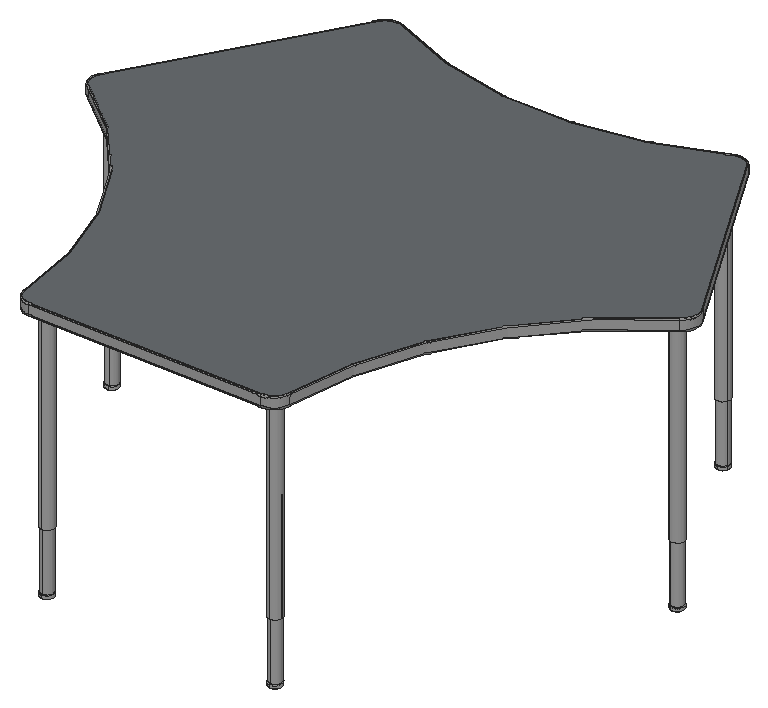
Revit family "CogNitiv Table - Shapes Legs", category Generic Models, Revit 2018
Family settings
  Can host rebar = No
  Round Connector Dimension = Use Diameter
  Part Type = Normal
  Work Plane-Based = No
  Always vertical = Yes
  Cut with Voids When Loaded = No
  Shared = No
  Room Calculation Point = No
Parameters
  Table Height = 2' - 5"
  Surface = CogNitiv - Shapes Legs Surface
  Leg Finish = Shapes Leg Platinum
  Edgeband = CogNitiv - Shapes Legs Edgeband
  Casters/Gliders = Shapes Leg - Glider : Shapes Leg - Glider
Reference planes (in)
  plane 1 "Center (Front/Back)": y = 0
  plane 2: z = 0
  plane 3 "Center (Left/Right)": x = 0
Dimensions and locks (in)
  "Table Height": nested 3 to level
  aligned and locked: plane 2 to level
Nested families (in)
  nested 1: "Shapes Leg - Glider" at (-12.76932, -32.30549, 0) x (0, -1, 0) z (0, 0, 1), type <- "Casters/Gliders", Leg Height <- "Table Height", Shapes Leg Finish <- "Leg Finish", type "Shapes Leg - Glider"
    with Shapes Leg Finish Shapes Leg Platinum, Leg Height 2' - 5"
  nested 2: "Shapes Leg - Glider" at (-31.64982, 0.3965, 0) x (0.3243, -0.946, 0) z (0, 0, 1), Leg Height <- "Table Height", Shapes Leg Finish <- "Leg Finish", type "Shapes Leg - Glider"
    with Shapes Leg Finish Shapes Leg Platinum, Leg Height 2' - 5"
  nested 3: "Trygon Hub Table Top" at (0, 0, 1.19291), type "Trygon Hub Table Top"
  nested 4: "Shapes Leg - Glider" at (-19.02696, 22.56254, 0) x (0.9607, 0.2775, 0) z (0, 0, 1), Leg Height <- "Table Height", Shapes Leg Finish <- "Leg Finish", type "Shapes Leg - Glider"
    with Shapes Leg Finish Shapes Leg Platinum, Leg Height 2' - 5"
  nested 5: "Shapes Leg - Glider" at (31.64982, 0.3965, 0) x (-0.3243, -0.946, 0) z (0, 0, 1), Leg Height <- "Table Height", Shapes Leg Finish <- "Leg Finish", type "Shapes Leg - Glider"
    with Shapes Leg Finish Shapes Leg Platinum, Leg Height 2' - 5"
  nested 6: "Shapes Leg - Glider" at (19.02696, 22.56254, 0) x (-0.9607, 0.2775, 0) z (0, 0, 1), Leg Height <- "Table Height", Shapes Leg Finish <- "Leg Finish", type "Shapes Leg - Glider"
    with Shapes Leg Finish Shapes Leg Platinum, Leg Height 2' - 5"
  nested 7: "Shapes Leg - Glider" at (12.76932, -32.30549, 0) x (0, -1, 0) z (0, 0, 1), type <- "Casters/Gliders", Leg Height <- "Table Height", Shapes Leg Finish <- "Leg Finish", type "Shapes Leg - Glider"
    with Shapes Leg Finish Shapes Leg Platinum, Leg Height 2' - 5"
Definition of nested family "Shapes Leg - Glider"
  Parameters (values of type "Shapes Leg - Glider")
    Shapes Leg Finish [instance] = none
    Leg Height [instance] = 2' - 4 1/2"
  Reference planes (in)
    plane 1 "Center (Front/Back)": y = 0
    plane 2: z = 0
    plane 3 "Center (Left/Right)": x = 0
  Forms (in)
    Extrusion 1, solid
      sketch origin (-0.01562, 0, 0) x (1, 0, 0) y (0, 1, 0)
        loop
          circle (0.01563, 0) r 0.64906
      from 0.50586 to 20.17439
  Dimensions and locks (in)
    "Leg Height": nested 2 to level
    aligned and locked: plane 2 to level
  Automatic sketch dimensions
    plane 1 "Center (Front/Back)" to Extrusion 1 sketch curve = 0' - 0"
    Extrusion 1 sketch curve to plane 3 "Center (Left/Right)" = 0' - 0"
    radius of Extrusion 1 sketch curve = 0' - 0.64906"
  Nested families (in)
    nested 1: "Glider" at (0, 0, 0), type "Glider"
    nested 2: "Shapes Upper Leg" at (0, 0, 0), Shapes Leg Finish <- "Shapes Leg Finish", type "Shapes Upper Leg"
      with Shapes Leg Finish none
  Definition of nested family "Glider"
    Reference planes (in)
      plane 1 "Center (Front/Back)": y = 0
      plane 2: z = 0
      plane 3 "Center (Left/Right)": x = 0
    Forms (in)
      Revolve 1, solid
        sketch origin (0, 0, 0) x (1, 0, 0) y (0, 0, 1)
          loop
            line (0.26614, 0.50586) -> (0, 0.50586) -> (0, 0.09994) -> (0.71656, 0.09994) -> (0.71656, 0.37634)
            arc (0.71656, 0.37634) -> (0.70181, 0.41548) -> (0.66511, 0.43552) r 0.06011
            arc (0.66511, 0.43552) -> (0.46609, 0.45951) -> (0.26614, 0.47365) r 4.06535
            line (0.26614, 0.47365) -> (0.26614, 0.50586)
          axis (0, 0.50586) -> (0, 0.09994)
        angle from 0 to 360
      Revolve 2, solid
        sketch origin (0, 0, 0) x (1, 0, 0) y (0, 0, 1)
          loop
            line (0.65534, 0.1212) -> (0, 0.1212) -> (0, 0) -> (0.57593, 0)
            arc (0.57593, 0) -> (0.63208, 0.02326) -> (0.65534, 0.07941) r 0.07941
            line (0.65534, 0.07941) -> (0.65534, 0.1212)
          axis (0, 0.1212) -> (0, 0)
        angle from 0 to 360
    Dimensions and locks (in)
      aligned and locked: plane 2 to level
  Definition of nested family "Shapes Upper Leg"
    Parameters (values of type "Shapes Upper Leg")
      Shapes Leg Finish [instance] = none
    Reference planes (in)
      plane 1 "Center (Front/Back)": y = 0
      plane 2: z = 0
      plane 3 "Center (Left/Right)": x = 0
    Forms (in)
      Extrusion 1, solid, material <- "Shapes Leg Finish"
        sketch origin (0, 0, 0) x (1, 0, 0) y (0, 1, 0)
          loop
            circle (0, 0) r 0.75
        from 6.5 to 28.5
    Dimensions and locks (in)
      aligned and locked: plane 2 to level
Definition of nested family "Trygon Hub Table Top"
  Parameters (values of type "Trygon Hub Table Top")
    Surface = none
    Edgeband = none
  Reference planes (in)
    plane 1 "Center (Front/Back)": y = 0
    plane 2: z = 0
    plane 3 "Center (Left/Right)": x = 0
  Forms (in)
    Extrusion 1, solid, material <- "Surface"
      sketch origin (-0.21788, -11.29086, 0) x (1, 0, 0) y (0, 1, 0)
        loop
          arc (-33.45025, 12.58627) -> (-33.63733, 11.29086) -> (-32.88013, 10.22328) r 1.76357
          arc (-32.88013, 10.22328) -> (-19.88043, -3.4447) -> (-14.54347, -21.53676) r 40.21236
          arc (-14.54347, -21.53676) -> (-13.99751, -22.72631) -> (-12.78211, -23.212) r 1.76357
          line (-12.78211, -23.212) -> (13.21788, -23.212)
          arc (13.21788, -23.212) -> (14.43327, -22.72631) -> (14.97923, -21.53676) r 1.76357
          arc (14.97923, -21.53676) -> (20.31619, -3.4447) -> (33.3159, 10.22328) r 40.21236
          arc (33.3159, 10.22328) -> (34.0731, 11.29086) -> (33.88602, 12.58627) r 1.76357
          line (33.88602, 12.58627) -> (20.88602, 35.10292)
          arc (20.88602, 35.10292) -> (19.8577, 35.91265) -> (18.55455, 35.79068) r 1.76357
          arc (18.55455, 35.79068) -> (0.21788, 31.3666) -> (-18.11879, 35.79068) r 40.21236
          arc (-18.11879, 35.79068) -> (-19.42194, 35.91265) -> (-20.45026, 35.10292) r 1.76357
          line (-20.45026, 35.10292) -> (-33.45025, 12.58627)
      from 27.80709 to 29.05709
    Sweep 2, solid, material <- "Edgeband"
      path origin (0, 0, 0) x (1, 0, 0) y (0, 1, 0)
        loop
          line (-12.99999, -34.50286) -> (12.99999, -34.50286)
          arc (12.99999, -34.50286) -> (14.21539, -34.01717) -> (14.76135, -32.82762) r 1.76357
          arc (14.76135, -32.82762) -> (20.09831, -14.73556) -> (33.09802, -1.06758) r 40.21236
          arc (33.09802, -1.06758) -> (33.85522, 0) -> (33.66813, 1.29541) r 1.76357
          line (33.66813, 1.29541) -> (20.66814, 23.81206)
          arc (20.66814, 23.81206) -> (19.63982, 24.62178) -> (18.33667, 24.49982) r 1.76357
          arc (18.33667, 24.49982) -> (0, 20.07574) -> (-18.33667, 24.49982) r 40.21236
          arc (-18.33667, 24.49982) -> (-19.63982, 24.62178) -> (-20.66814, 23.81206) r 1.76357
          line (-20.66814, 23.81206) -> (-33.66813, 1.29541)
          arc (-33.66813, 1.29541) -> (-33.85522, 0) -> (-33.09802, -1.06758) r 1.76357
          arc (-33.09802, -1.06758) -> (-20.09831, -14.73556) -> (-14.76135, -32.82762) r 40.21236
          arc (-14.76135, -32.82762) -> (-14.21539, -34.01717) -> (-12.99999, -34.50286) r 1.76357
      profile origin (0, -34.50286, 0) x (0, 1, 0) y (0, 0, 1)
        loop
          line (-0.125, 28.93209) -> (-0.125, 27.93209)
          arc (-0.125, 27.93209) -> (-0.08839, 27.8437) -> (0, 27.80709) r 0.125
          line (0, 27.80709) -> (0, 29.05709)
          arc (0, 29.05709) -> (-0.08839, 29.02047) -> (-0.125, 28.93209) r 0.125
  Dimensions and locks (in)
    aligned and locked: plane 2 to level
